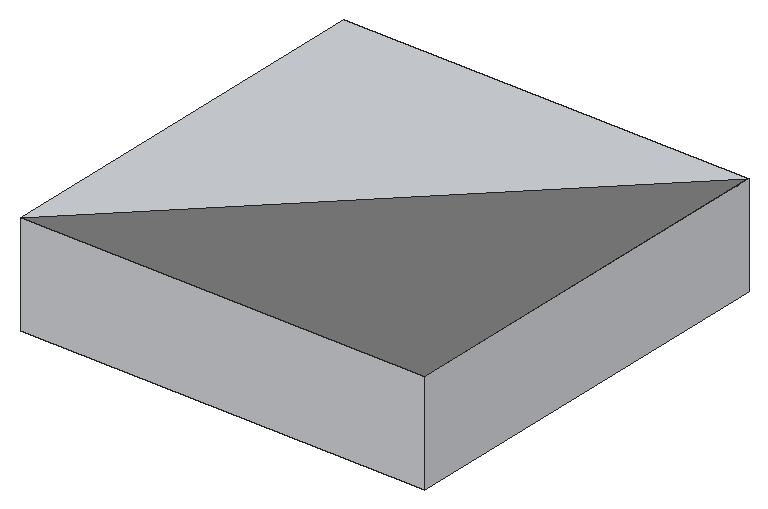
Revit family "電線管用ファミリ(片側のみ)_10", category Electrical Fixtures, Revit 2021
Family settings
  Maintain Annotation Orientation = Yes
  Round Connector Dimension = Use Diameter
  Part Type = Normal
  OmniClass Number = 23.80.00.00
  OmniClass Title = Electric Power and Lighting
  Work Plane-Based = No
  Always vertical = Yes
  Cut with Voids When Loaded = No
  Shared = No
  Room Calculation Point = No
Parameters
  コネクタ直径 [instance] = 16 mm
  W [instance] = 200 mm
  Default Elevation = 0 mm
  D [instance] = 200 mm
Reference planes
  plane 1 "Center (Front/Back)": y = 0
  plane 2: z = 0
  plane 3 "Center (Left/Right)": x = 0
  plane 4: x = -100
  plane 5: x = 100
  plane 6: y = 100
  plane 7: y = -100
  plane 8: z = 50
Forms (mm)
  Extrusion 1, solid
    sketch origin (0, 0, 0) x (1, 0, 0) y (0, 1, 0)
      loop
        line (-100, 100) -> (-100, -100) -> (100, -100) -> (100, 100) -> (-100, 100)
    from 0 to 50
  Extrusion 2, solid, material "Default Solid Fill"
    sketch origin (0, 0, 0) x (1, 0, 0) y (0, 1, 0)
      loop
        line (100, 100) -> (-100, -100) -> (100, -100) -> (100, 100)
    from 0 to 50
Dimensions and locks
  equal spacing: plane 4, plane 3 "Center (Left/Right)", plane 5
  "W": plane 4 to plane 5
  equal spacing: plane 6, plane 1 "Center (Front/Back)", plane 7
  "D": plane 6 to plane 7
  aligned and locked: level to plane 2
  aligned and locked: Extrusion 1 sketch curve to plane 6
  aligned and locked: plane 4 to Extrusion 1 sketch curve
  aligned and locked: plane 7 to Extrusion 1 sketch curve
  aligned and locked: Extrusion 1 sketch curve to plane 5
  aligned and locked: plane 8 to Extrusion 1
  aligned and locked: plane 8 to Extrusion 2
Automatic sketch dimensions
  Extrusion 2 sketch curve to plane 4 = 0 mm
  Extrusion 2 sketch curve to plane 5 = 0 mm
  Extrusion 2 sketch curve to plane 7 = 0 mm
  Extrusion 2 sketch curve to plane 6 = 0 mm
Connectors
  cabletrayconduit at (0, 0, 50), diameter 16
    settings: on Extrusion 1, index 1, connector width 300 mm, connector height 300 mm, connector angle 0.00°, system type 32, placement type 0, profile type 0, connector reference index -1, is primary connector yes, connector utility param no, connector description ""
